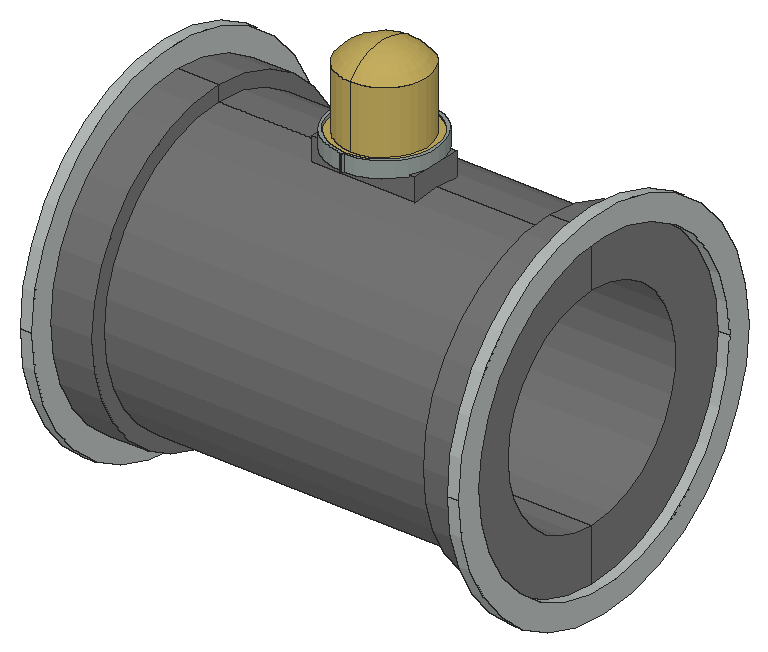
Revit family "QP85070000", category Apparecchi idraulici, Revit 2020
Family settings
  Quota connettore circolare = Usa diametro
  Tipo di parte = Normale
  Numero OmniClass = 23.45.00.00
  Titolo OmniClass = Sanitary, Laundry, and Cleaning Equipment
  Basato su piano di lavoro = No
  Sempre verticale = Sì
  Taglio con vuoti quando caricato = No
  Condiviso = No
  Punto di calcolo locali = No
Parameters
  URL = "https://web.cimberio.com/index.php/figura/841?subcategoria_id="
  Temperatura di esercizio = ""
  Prospetto di default = 0 mm
  Produttore = "CIMBERIO SPA"
  Pressione nominale = ""
  Modello = "Cim 852F"
  Materiale = "Prodotto in lega d'alluminio anodizzato A356-T6"
  Descrizione = "Utilizzato nell’impiantistica distributiva di gas a bassa pressione per le categorie:\r\nGas naturali: gas derivati dal petrolio (Metano) e gas di ricambio.\r\nGas di città: prodotti secondo i diversi procedimenti (Cracking - Cokerie - ecc.).\r\nGas liquidi: propano e miscele di gas propano/butano."
  DN Model [instance] = QP85073409 : QP85073409
  DN [instance] = 200 mm
  Commenti sul tipo = "Realizzato in ottemperanza ai requisiti gestionali della norma EN ISO 9001.\r\nCollaudato al 100% secondo la normativa EN 12266-1"
Reference planes
  plane 1 "Centro (Fronte/Retro)": y = 0
  plane 2: z = 0
  plane 3 "Centro (Sinistra/Destra)": x = 0
Dimensions and locks
  aligned and locked: level to plane 2
Nested families
  nested 1: "QP85073409" at (0, 0, 0), type <- "DN Model", type "QP85073409"
  nested 2: "QP85073409" at (0, 0, 0), type <- "DN Model", type "QP85073409"
  nested 3: "QP85073409" at (0, 0, 0), type <- "DN Model", type "QP85073409"
  nested 4: "QP85073409" at (0, 0, 0), type <- "DN Model", type "QP85073409"
  nested 5: "QP85073409" at (0, 0, 0), type <- "DN Model", type "QP85073409"
Connectors
  piping at (197, 0, 0), diameter 200, driven by "DN"
    settings: on nested 1, index 1, connector inside diameter 609.6 mm, connector length 0 mm, flow factor 0, pipe flow 0.0 L/s, pressure drop 0.0 Pa, fitting loss kfactor 0, connector angle 0.00°, fixture units 0, engagement length 0 mm, angle of deflection 0.00°, flow configuration 0, flow direction 0, fitting loss method 0, system type 7, joint type 0, gender type 0, connector reference index -1, connector utility 0, adjustable connector no, is connector primary yes, connector description ""
  piping at (-197, 0, 0), diameter 200, driven by "DN"
    settings: on nested 1, index 2, connector inside diameter 609.6 mm, connector length 0 mm, flow factor 0, pipe flow 0.0 L/s, pressure drop 0.0 Pa, fitting loss kfactor 0, connector angle 0.00°, fixture units 0, engagement length 0 mm, angle of deflection 0.00°, flow configuration 0, flow direction 0, fitting loss method 0, system type 7, joint type 0, gender type 0, connector reference index -1, connector utility 0, adjustable connector no, is connector primary no, connector description ""
Definition of nested family "QP85073409"
  Parameters (values of type "QP85073409")
    URL = ""
    Temperatura di esercizio = ""
    Default Elevation = 0 mm
    Manufacturer = ""
    Pressione nominale = ""
    Model = ""
    Materiale = ""
    Description = ""
    Type Comments = ""
  Reference planes
    plane 1 "Centro (Fronte/Retro)": y = 0
    plane 2: z = 0
    plane 3 "Centro (Sinistra/Destra)": x = 0
    plane 4: z = 244
    plane 5: x = -208
  Forms (mm)
    Extrusion 1, solid
      sketch origin (0, 0, 123.002) x (1, 0, 0) y (0, 1, 0)
        loop
          arc (-0.959, 48.991) -> (-49, 0) -> (-0.959, -48.991) r 49
          line (-0.959, -48.991) -> (-0.959, -51.484) -> (0, -51.484) -> (0, -46.484)
          arc (0, -46.484) -> (-46.484, 0) -> (0, 46.484) r 46.484
          line (0, 46.484) -> (0, 51.484) -> (-0.959, 51.484) -> (-0.959, 48.991)
      from 30 to 45
    Extrusion 2, solid
      sketch origin (0, 0, 101.058) x (1, 0, 0) y (0, 1, 0)
        loop
          line (-49, 25) -> (-49, -24.59) -> (49, -24.59) -> (49, 25) -> (-49, 25)
      from 10.173 to 53.944
    Extrusion 3, solid
      sketch origin (0, 0, 123.002) x (1, 0, 0) y (0, 1, 0)
        loop
          circle (0, 0) r 46.484
      from 32 to 43
    Revolve 4, solid
      sketch origin (0, 0, 123.002) x (0, 1, 0) y (0, 0, 1)
        loop
          line (0, 43) -> (40, 43) -> (40, 101.885)
          arc (40, 101.885) -> (22.166, 115.976) -> (0, 121) r 51.409
          line (0, 121) -> (0, 43)
        axis (0, 121) -> (0, 43)
      angle from 0 to 360
    Extrusion 5, solid
      sketch origin (0, 0, 123.002) x (-1, 0, 0) y (0, -1, 0)
        loop
          line (-0.959, -48.991) -> (-0.959, -51.484) -> (0, -51.484) -> (0, -46.484)
          arc (0, -46.484) -> (-46.484, 0) -> (0, 46.484) r 46.484
          line (0, 46.484) -> (0, 51.484) -> (-0.959, 51.484) -> (-0.959, 48.991)
          arc (-0.959, 48.991) -> (-49, 0) -> (-0.959, -48.991) r 49
      from 30 to 45
    Revolve 6, solid
      sketch origin (0, 0, 0) x (1, 0, 0) y (0, 0, 1)
        loop
          line (-197, 150) -> (-197, 100) -> (197, 100) -> (197, 150) -> (157, 150) -> (157, 136.002) -> (-157, 136.002) -> (-157, 150) -> (-197, 150)
        axis (-197, 0) -> (197, 0)
      angle from 0 to 360
    Extrusion 7, solid
      sketch origin (-240, 0, 0) x (0, 1, 0) y (0, 0, 1)
        loop
          circle (0, 0) r 171.5
        loop
          circle (0, 0) r 149
      from 32 to 43
    Extrusion 8, solid
      sketch origin (240, 0, 0) x (0, 1, 0) y (0, 0, -1)
        loop
          circle (0, 0) r 171.5
        loop
          circle (0, 0) r 149
      from 32 to 43
  Dimensions and locks
    aligned and locked: level to plane 2
